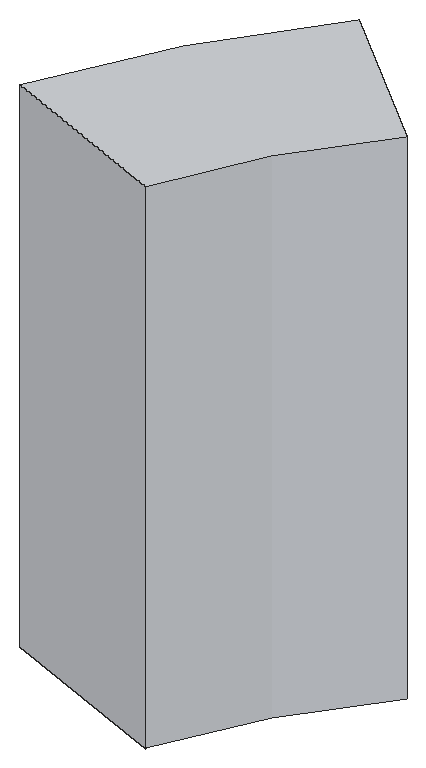
Revit family "VIVIENDA RADIAL", category Modelos genéricos, Revit 2016
Family settings
  Tipo de pieza = Normal
  Puede alojar armadura = No
  Cota de conector redondo = Diámetro de uso
  Se basa en plano de trabajo = No
  Siempre vertical = Sí
  Corte con vacíos al cargar = No
  Compartido = No
  Punto de cálculo de habitación = No
Parameters
  Radio Nucleo Comunicaciones = 5.00 m
  Radio Hall = 6.50 m
  Angulo Vivienda = Angulo Patio BUENO + Angulo Hall  # 40.00°
  Angulo Patio BUENO = 20.00°
  Angulo Patio = Angulo Patio BUENO + 180.00°  # 200.00°
  Angulo Hall = 20.00°
Reference planes (m)
  plane 1 "Centro (Frontal/Posterior)": y = 0
  plane 2: z = 0
  plane 3 "Centro (Izquierda/Derecha)": x = 0
Forms (m)
  Extrusion 1, solid
    sketch origin (0, 0, 0) x (0.984808, -0.173648, 0) y (0.173648, 0.984808, 0)
      loop
        arc (-5.629165, 3.25) -> (-6.108002, 2.223131) -> (-6.40125, 1.128713) r 6.5
        line (-6.40125, 1.128713) -> (-4.924039, 0.868241)
        arc (-4.924039, 0.868241) -> (-4.698463, 1.710101) -> (-4.330127, 2.5) r 5
        line (-4.330127, 2.5) -> (-5.629165, 3.25)
    from 0 to 4
  Extrusion 2, solid, not visible
    sketch origin (0, 0, 0) x (1, 0, 0) y (0, 1, 0)
      loop
        arc (-5.629165, 3.25) -> (-6.108002, 2.223131) -> (-6.40125, 1.128713) r 6.5
        line (-6.40125, 1.128713) -> (-4.924039, 0.868241)
        arc (-4.924039, 0.868241) -> (-4.698463, 1.710101) -> (-4.330127, 2.5) r 5
        line (-4.330127, 2.5) -> (-5.629165, 3.25)
    from 0 to 0.25
  Extrusion 3, solid, not visible
    sketch origin (0, 0, 0) x (1, 0, 0) y (0, 1, 0)
      loop
        arc (-5.629165, 3.25) -> (-6.108002, 2.223131) -> (-6.40125, 1.128713) r 6.5
        line (-6.40125, 1.128713) -> (-4.924039, 0.868241)
        arc (-4.924039, 0.868241) -> (-4.698463, 1.710101) -> (-4.330127, 2.5) r 5
        line (-4.330127, 2.5) -> (-5.629165, 3.25)
    from 0 to 4
Lines and regions (m)
  reference lines
    curve 1: circle (0, 0, 0) r 5 normal (0, 0, 1)
    curve 2: circle (0, 0, 0) r 6.5 normal (0, 0, 1)
    curve 3: line (0, 0, 0) -> (-25.747578, 9.371352, 0)
    curve 4: line (0, 0, 0) -> (-12.716338, 10.670274, 0)
  reference lines, not visible
    curve 5: line (0, 0, 0) -> (-26.983732, 4.75796, 0)
    curve 6: line (0, 0, 0) -> (-26.983732, 4.75796, 0)
Dimensions and locks (m)
  "Radio Nucleo Comunicaciones": radius of curve 1
  "Radio Hall": radius of curve 2
  "Angulo Vivienda": angle curve 4 to plane 1 "Centro (Frontal/Posterior)"
  "Angulo Patio": angle curve 3 to plane 1 "Centro (Frontal/Posterior)"
  "Angulo Hall": angle Extrusion 1 to Extrusion 1
  aligned and locked: level to plane 2
Automatic sketch dimensions
  Extrusion 1 sketch curve to Extrusion 1 sketch curve = 0.00 m  (x4)
  Extrusion 1 sketch curve to Extrusion 1 sketch curve = 1.477212 m
  Extrusion 1 sketch curve to Extrusion 1 sketch curve = 0.593912 m
  Extrusion 1 sketch curve to Extrusion 1 sketch curve = 1.299038 m
  Extrusion 1 sketch curve to Extrusion 1 sketch curve = 4.924039 m
  Extrusion 1 sketch curve to Extrusion 1 sketch curve = 0.868241 m
  Extrusion 1 sketch curve to Extrusion 1 sketch curve = 0.260472 m
  Extrusion 2 sketch curve to Extrusion 2 sketch curve = 0.00 m  (x4)
  Extrusion 2 sketch curve to Extrusion 2 sketch curve = 1.477212 m
  Extrusion 2 sketch curve to Extrusion 2 sketch curve = 0.593912 m
  Extrusion 2 sketch curve to Extrusion 2 sketch curve = 1.299038 m
  Extrusion 2 sketch curve to Extrusion 2 sketch curve = 4.924039 m
  Extrusion 2 sketch curve to Extrusion 2 sketch curve = 0.868241 m
  Extrusion 2 sketch curve to Extrusion 2 sketch curve = 0.260472 m
  Extrusion 3 sketch curve to Extrusion 3 sketch curve = 0.00 m  (x4)
  Extrusion 3 sketch curve to Extrusion 3 sketch curve = 1.477212 m
  Extrusion 3 sketch curve to Extrusion 3 sketch curve = 0.593912 m
  Extrusion 3 sketch curve to Extrusion 3 sketch curve = 1.299038 m
  Extrusion 3 sketch curve to Extrusion 3 sketch curve = 4.924039 m
  Extrusion 3 sketch curve to Extrusion 3 sketch curve = 0.868241 m
  Extrusion 3 sketch curve to Extrusion 3 sketch curve = 0.260472 m
  curve 1 to curve 2 = 0.00 m  (x2)
  plane 1 "Centro (Frontal/Posterior)" to curve 4 = 0.00 m
  curve 4 to plane 3 "Centro (Izquierda/Derecha)" = 0.00 m
  plane 1 "Centro (Frontal/Posterior)" to curve 2 = 0.00 m
  curve 2 to plane 3 "Centro (Izquierda/Derecha)" = 0.00 m
